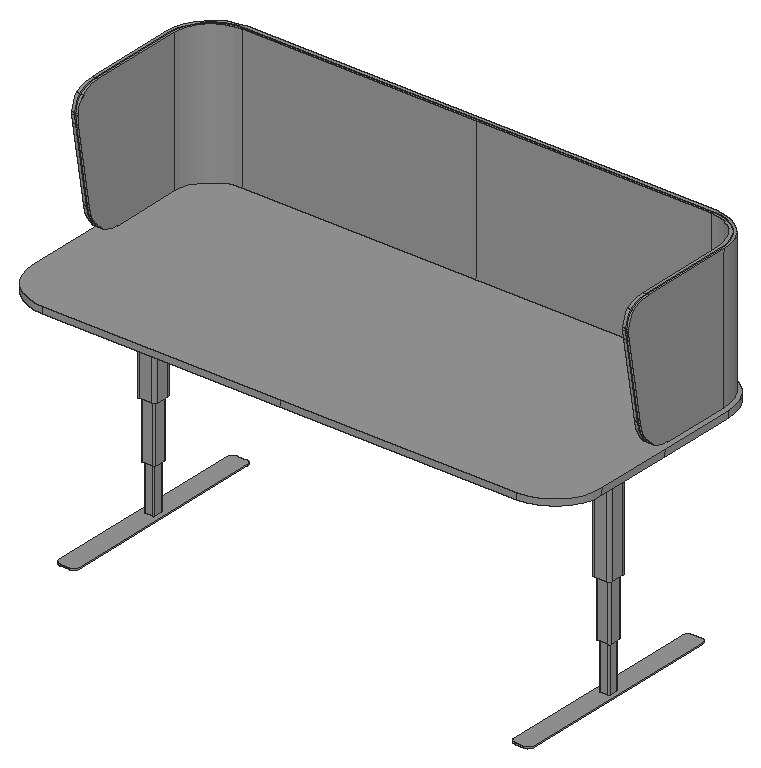
Revit family "MyFlowOfficeTable", category Furniture, Revit 2019
Family settings
  OmniClass Number = 23.40.20.00
  OmniClass Title = General Furniture and Specialties
  Work Plane-Based = No
  Always vertical = Yes
  Cut with Voids When Loaded = No
  Shared = No
  Room Calculation Point = No
Parameters
  Version = ""
  Uniclass2015Version = ""
  Uniclass2015Title = ""
  Uniclass2015Description = ""
  Uniclass2015Code = ""
  UNSPSCCode = ""
  TableTop [instance] = White (TableTop)
  SharpCourners [instance] = no
  RoundedCourners [instance] = yes
  Rounded/SharpCourners [instance] = no
  Revision = ""
  ProductInformation = ""
  OuterBackPlate [instance] = Birch
  NorminalHeight = 0 mm
  NorminalDepth = 0 mm
  Model = "MyFlow Office Table"
  Manufacturer = "ISKU"
  ManufactureURL = "https://www.isku.fi"
  Leg [instance] = White (Leg)
  InnerBackPlate [instance] = Fabric (Light Grey)
  IfcExportType = ""
  IfcExportAs = ""
  IfcClassification = ""
  Height [instance] = 750 mm
  COBIeTypeCategory = ""
  BIMObjectName = ""
  AuthorURL = "https://www.prodlib.com"
  Author = "ProdLib Oy"  # constant formula
Reference planes
  plane 1 "Center (Front/Back)": y = 0
  plane 2: z = 0
  plane 3 "Center (Left/Right)": x = 0
  plane 4: z = 1198.58
  plane 5: z = 750
  plane 6: z = 730
Lines and regions (mm)
  symbolic lines, visible <- "RoundedCourners"
    curve 1: arc (-900, 250, 0) -> (-856.066, 356.066, 0) -> (-750, 400, 0) r 150
    curve 2: line (-750, 400, 0) -> (0, 400, 0)
    curve 3: line (-900, 250, 0) -> (-900, 0, 0)
    curve 4: arc (-900, -250, 0) -> (-856.066, -356.066, 0) -> (-750, -400, 0) r 150
    curve 5: line (-750, -400, 0) -> (0, -400, 0)
    curve 6: line (-900, -250, 0) -> (-900, 0, 0)
    curve 7: arc (900, 250, 0) -> (856.066, 356.066, 0) -> (750, 400, 0) r 150
    curve 8: line (750, 400, 0) -> (0, 400, 0)
    curve 9: line (900, 250, 0) -> (900, 0, 0)
    curve 10: arc (900, -250, 0) -> (856.066, -356.066, 0) -> (750, -400, 0) r 150
    curve 11: line (750, -400, 0) -> (0, -400, 0)
    curve 12: line (900, -250, 0) -> (900, 0, 0)
  symbolic lines, detail levels medium+fine
    curve 13: line (-881.347, -119.075, 0) -> (-861.587, -119.075, 0)
    curve 14: line (-861.587, -119.075, 0) -> (-861.587, 256.82, 0)
    curve 15: arc (-861.587, 256.82, 0) -> (-826.44, 341.673, 0) -> (-741.587, 376.82, 0) r 120
    curve 16: line (-741.587, 376.82, 0) -> (0, 376.82, 0)
    curve 17: line (0, 396.34, 0) -> (-741.347, 396.34, 0)
    curve 18: arc (-741.347, 396.34, 0) -> (-840.342, 355.335, 0) -> (-881.347, 256.34, 0) r 140
    curve 19: line (-881.347, 256.34, 0) -> (-881.347, -119.075, 0)
    curve 20: line (881.347, -119.075, 0) -> (861.587, -119.075, 0)
    curve 21: line (861.587, -119.075, 0) -> (861.587, 256.82, 0)
    curve 22: arc (861.587, 256.82, 0) -> (826.44, 341.673, 0) -> (741.587, 376.82, 0) r 120
    curve 23: line (741.587, 376.82, 0) -> (0, 376.82, 0)
    curve 24: line (0, 396.34, 0) -> (741.347, 396.34, 0)
    curve 25: arc (741.347, 396.34, 0) -> (840.342, 355.335, 0) -> (881.347, 256.34, 0) r 140
    curve 26: line (881.347, 256.34, 0) -> (881.347, -119.075, 0)
  symbolic lines, visible <- "SharpCourners"
    curve 27: line (-900, 400, 0) -> (900, 400, 0)
    curve 28: line (-900, -400, 0) -> (-900, 400, 0)
    curve 29: line (900, -400, 0) -> (-900, -400, 0)
    curve 30: line (900, 400, 0) -> (900, -400, 0)
  symbolic lines, visible <- "Rounded/SharpCourners"
    curve 31: line (900, -400, 0) -> (-750, -400, 0)
    curve 32: line (900, -400, 0) -> (900, 400, 0)
    curve 33: line (900, 400, 0) -> (-750, 400, 0)
    curve 34: arc (-750, 400, 0) -> (-856.066, 356.066, 0) -> (-900, 250, 0) r 150
    curve 35: line (-900, 250, 0) -> (-900, 0, 0)
    curve 36: arc (-750, -400, 0) -> (-856.066, -356.066, 0) -> (-900, -250, 0) r 150
    curve 37: line (-900, -250, 0) -> (-900, 0, 0)
Dimensions and locks
  "Height": plane 5 to plane 2
  locked: plane 4 to plane 5 at 448.58
  locked: plane 4 to plane 6 at 468.58
  aligned and locked: level to plane 2
  aligned and locked: plane 1 "Center (Front/Back)" to nested 1
  aligned and locked: nested 1 to plane 4
  aligned and locked: plane 5 to nested 1
  aligned and locked: nested 1 to plane 6
  aligned and locked: curve 27 to nested 1
  aligned and locked: curve 28 to nested 1
  aligned and locked: curve 29 to nested 1
  aligned and locked: curve 30 to nested 1
Automatic sketch dimensions
  curve 1 to curve 34 = 0 mm  (x2)
  curve 4 to curve 36 = 0 mm  (x2)
  plane 1 "Center (Front/Back)" to curve 37 = 0 mm
  curve 16 to plane 3 "Center (Left/Right)" = 0 mm
  curve 2 to plane 3 "Center (Left/Right)" = 0 mm
  curve 11 to plane 3 "Center (Left/Right)" = 0 mm
  curve 17 to plane 3 "Center (Left/Right)" = 0 mm
  plane 1 "Center (Front/Back)" to curve 12 = 0 mm
  curve 35 to curve 27 = 0 mm
  curve 3 to curve 19 = 18.653 mm
  curve 13 to curve 14 = 19.76 mm
  curve 28 to curve 31 = 150 mm
  curve 27 to curve 2 = 150 mm
  curve 34 to curve 15 = 8.413 mm
  curve 2 to curve 17 = 8.653 mm
  curve 24 to curve 27 = 158.653 mm
  curve 25 to curve 22 = 0.24 mm
  curve 11 to curve 29 = 150 mm
  curve 25 to curve 8 = 8.653 mm
  curve 7 to curve 21 = 111.587 mm
  curve 20 to curve 20 = 19.76 mm
  curve 25 to curve 9 = 18.653 mm
  plane 1 "Center (Front/Back)" to curve 19 = 119.075 mm
  plane 1 "Center (Front/Back)" to curve 20 = 119.075 mm
  curve 1 to curve 19 = 6.34 mm
  curve 18 to curve 14 = 0.48 mm
Nested families
  nested 1: "OfficeTableTop" at (0, 0, 11), type "SharpCourneus"
  nested 2: "OfficeTableLeg" at (0, 0, 0), type "OfficeTableLeg"
    with Height 750 mm
Definition of nested family "OfficeTableTop"
  Parameters (values of type "SharpCourneus")
    Width = 1800 mm
    Version = ""
    Uniclass2015Version = ""
    Uniclass2015Title = ""
    Uniclass2015Description = ""
    Uniclass2015Code = ""
    UNSPSCCode = ""
    TableTop = none
    SharpCourners = no
    RoundedCourners = yes
    Rounded/SharpCourners = no
    Revision = ""
    ProductInformation = ""
    OuterBackPlate = none
    NorminalHeight = 0 mm
    NorminalDepth = 0 mm
    ManufactureURL = ""
    InnerBackPlate = none
    IfcExportType = ""
    IfcExportAs = ""
    IfcClassification = ""
    Height = 1187.58 mm
    Depth = 800 mm
    COBIeTypeCategory = ""
    BIMObjectName = ""
    AuthorURL = "https://www.prodlib.com"
    Author = "ProdLib Oy"  # constant formula
  Types (3, lengths in mm): name | Width | RoundedCourners | Rounded/SharpCourners | Height | Depth
    SharpCourneus | 1800 | yes | no | 1187.58 | 800
    RoundedCourners | 500 | yes | no | 400 | 385
    Rounded/SharpCourners | 500 | no | yes | 400 | 385
  Reference planes
    plane 1 "Center (Front/Back)": y = 0
    plane 2: z = 0
    plane 3 "Center (Left/Right)": x = 0
    plane 4: x = 900
    plane 5: x = -900
    plane 6: y = -400
    plane 7: y = 400
    plane 8: z = 1187.58
    plane 9: z = 739
    plane 10: z = 719
  Forms (mm)
    Extrusion 1, solid, material <- "TableTop", visible <- "RoundedCourners"
      sketch origin (0, 0, 0) x (1, 0, 0) y (0, 1, 0)
        loop
          line (750, 400) -> (0, 400) -> (-750, 400)
          arc (-750, 400) -> (-856.066, 356.066) -> (-900, 250) r 150
          line (-900, 250) -> (-900, 0) -> (-900, -250)
          arc (-900, -250) -> (-856.066, -356.066) -> (-750, -400) r 150
          line (-750, -400) -> (0, -400) -> (750, -400)
          arc (750, -400) -> (856.066, -356.066) -> (900, -250) r 150
          line (900, -250) -> (900, 0) -> (900, 250)
          arc (900, 250) -> (856.066, 356.066) -> (750, 400) r 150
      from 719 to 739
    Extrusion 2, solid, material <- "TableTop", visible <- "SharpCourners"
      sketch origin (0, 0, 0) x (1, 0, 0) y (0, 1, 0)
        loop
          line (-900, 400) -> (-900, -400) -> (900, -400) -> (900, 400) -> (-900, 400)
      from 719 to 739
    Extrusion 3, solid, material <- "TableTop", visible <- "Rounded/SharpCourners"
      sketch origin (0, 0, 0) x (1, 0, 0) y (0, 1, 0)
        loop
          line (0, 400) -> (-750, 400)
          arc (-750, 400) -> (-856.066, 356.066) -> (-900, 250) r 150
          line (-900, 250) -> (-900, 0) -> (-900, -250)
          arc (-900, -250) -> (-856.066, -356.066) -> (-750, -400) r 150
          line (-750, -400) -> (0, -400) -> (900, -400) -> (900, 0) -> (900, 400) -> (0, 400)
      from 719 to 739
    Extrusion 4, solid, material <- "OuterBackPlate"
      sketch origin (0, 0, 0) x (1, 0, 0) y (0, 1, 0)
        loop
          line (-871.587, -119.075) -> (-871.587, 256.58)
          arc (-871.587, 256.58) -> (-833.511, 348.504) -> (-741.587, 386.58) r 130
          line (-741.587, 386.58) -> (0, 386.58) -> (741.587, 386.58)
          arc (741.587, 386.58) -> (833.511, 348.504) -> (871.587, 256.58) r 130
          line (871.587, 256.58) -> (871.587, -119.075) -> (881.347, -119.075) -> (881.347, 256.34)
          arc (881.347, 256.34) -> (840.342, 355.335) -> (741.347, 396.34) r 140
          line (741.347, 396.34) -> (0, 396.34) -> (-741.347, 396.34)
          arc (-741.347, 396.34) -> (-840.342, 355.335) -> (-881.347, 256.34) r 140
          line (-881.347, 256.34) -> (-881.347, -119.075) -> (-871.587, -119.075)
      from 739 to 1187.58
    Extrusion 5, void
      sketch origin (0, -35.126, 8.876) x (0, 1, 0) y (0, 0, 1)
        loop
          arc (-64.096, 1160.156) -> (-32.43, 1174.402) -> (2.026, 1178.704) r 116.746
          line (2.026, 1178.704) -> (2.026, 1184.457) -> (-108.949, 1184.457) -> (-108.949, 1178.704) -> (-108.949, 731.124) -> (-108.949, 721.124) -> (70.166, 721.124) -> (70.166, 731.124)
          arc (70.166, 731.124) -> (-2.504, 758.739) -> (-37.564, 828.124) r 107.524
          line (-37.564, 828.124) -> (-81.914, 1080.684)
          arc (-81.914, 1080.684) -> (-83.082, 1094.023) -> (-83.949, 1107.386) r 592.752
          arc (-83.949, 1107.386) -> (-79.555, 1135.852) -> (-64.096, 1160.156) r 70.184
      from -900 to 900
    Extrusion 6, solid, material <- "InnerBackPlate"
      sketch origin (0, -9.76, 0) x (1, 0, 0) y (0, 1, 0)
        loop
          arc (-741.587, 396.34) -> (-833.511, 358.264) -> (-871.587, 266.34) r 130
          line (-871.587, 266.34) -> (-871.587, -109.315) -> (-861.587, -109.315) -> (-861.587, 266.58)
          arc (-861.587, 266.58) -> (-826.44, 351.433) -> (-741.587, 386.58) r 120
          line (-741.587, 386.58) -> (0, 386.58) -> (741.587, 386.58)
          arc (741.587, 386.58) -> (826.44, 351.433) -> (861.587, 266.58) r 120
          line (861.587, 266.58) -> (861.587, -109.315) -> (871.587, -109.315) -> (871.587, 266.34)
          arc (871.587, 266.34) -> (833.511, 358.264) -> (741.587, 396.34) r 130
          line (741.587, 396.34) -> (0, 396.34) -> (-741.587, 396.34)
      from 739 to 1187.58
  Cuts and joins
    Extrusion 5 cuts Extrusion 4
    Extrusion 5 cuts Extrusion 6
  Dimensions and locks
    equal spacing: plane 5, plane 3 "Center (Left/Right)", plane 4
    "Width": plane 5 to plane 4
    equal spacing: plane 6, plane 1 "Center (Front/Back)", plane 7
    "Depth": plane 6 to plane 7
    locked: plane 9 to plane 8 at 448.58
    "Height": plane 2 to plane 8
    locked: plane 10 to plane 8 at 468.58
    aligned and locked: level to plane 2
    aligned and locked: plane 4 to Extrusion 3
    aligned and locked: Extrusion 3 to plane 7
    aligned and locked: Extrusion 3 to plane 6
    aligned and locked: plane 5 to Extrusion 3
    aligned and locked: Extrusion 4 to plane 8
    aligned and locked: plane 9 to Extrusion 4
  Automatic sketch dimensions
    Extrusion 1 sketch curve to plane 5 = 0 mm
    Extrusion 1 sketch curve to plane 6 = 0 mm
    Extrusion 1 sketch curve to plane 7 = 0 mm
    Extrusion 1 sketch curve to plane 3 "Center (Left/Right)" = 0 mm  (x2)
    Extrusion 1 sketch curve to plane 4 = 0 mm
    plane 1 "Center (Front/Back)" to Extrusion 1 sketch curve = 0 mm  (x2)
    Extrusion 1 sketch curve to plane 5 = 150 mm  (x2)
    Extrusion 1 sketch curve to Extrusion 1 sketch curve = 150 mm
    Extrusion 1 sketch curve to plane 4 = 150 mm
    Extrusion 2 sketch curve to plane 5 = 0 mm
    Extrusion 2 sketch curve to plane 4 = 0 mm
    Extrusion 2 sketch curve to plane 6 = 0 mm
    Extrusion 2 sketch curve to plane 7 = 0 mm
    Extrusion 3 sketch curve to plane 5 = 0 mm
    Extrusion 3 sketch curve to plane 6 = 0 mm
    Extrusion 3 sketch curve to plane 7 = 0 mm
    Extrusion 3 sketch curve to plane 3 "Center (Left/Right)" = 0 mm  (x2)
    Extrusion 3 sketch curve to plane 4 = 0 mm
    plane 1 "Center (Front/Back)" to Extrusion 3 sketch curve = 0 mm  (x2)
    Extrusion 3 sketch curve to Extrusion 3 sketch curve = 150 mm
    Extrusion 3 sketch curve to plane 5 = 150 mm
    Extrusion 4 sketch curve to plane 3 "Center (Left/Right)" = 0 mm  (x2)
    plane 7 to Extrusion 4 sketch curve = 3.66 mm
    Extrusion 4 sketch curve to plane 5 = 158.653 mm
    Extrusion 4 sketch curve to Extrusion 4 sketch curve = 0.24 mm  (x3)
    Extrusion 4 sketch curve to plane 5 = 28.413 mm
    Extrusion 4 sketch curve to Extrusion 4 sketch curve = 9.76 mm  (x2)
    Extrusion 4 sketch curve to plane 4 = 158.653 mm
    Extrusion 4 sketch curve to plane 4 = 28.413 mm
    plane 1 "Center (Front/Back)" to Extrusion 4 sketch curve = 119.075 mm  (x2)
    Extrusion 5 sketch curve to plane 8 = 0 mm  (x2)
    Extrusion 5 sketch curve to plane 9 = 1 mm  (x2)
    plane 1 "Center (Front/Back)" to Extrusion 5 sketch curve = 144.075 mm
    Extrusion 5 sketch curve to Extrusion 5 sketch curve = 27.035 mm
    plane 1 "Center (Front/Back)" to Extrusion 5 sketch curve = 72.69 mm
    plane 1 "Center (Front/Back)" to Extrusion 5 sketch curve = 48.992 mm
    plane 1 "Center (Front/Back)" to Extrusion 5 sketch curve = 36.024 mm
    Extrusion 5 sketch curve to plane 8 = 5.754 mm
    plane 1 "Center (Front/Back)" to Extrusion 5 sketch curve = 33.1 mm
    Extrusion 5 sketch curve to plane 1 "Center (Front/Back)" = 34.318 mm
    plane 9 to Extrusion 5 sketch curve = 9 mm
    Extrusion 5 sketch curve to plane 1 "Center (Front/Back)" = 35.039 mm
    plane 8 to Extrusion 5 sketch curve = 39.626 mm
    Extrusion 5 sketch curve to plane 7 = 72.829 mm
    Extrusion 5 sketch curve to plane 9 = 98 mm
    plane 8 to Extrusion 5 sketch curve = 116.709 mm
    Extrusion 5 sketch curve to Extrusion 5 sketch curve = 18.689 mm
    Extrusion 5 sketch curve to Extrusion 5 sketch curve = 49.143 mm
    Extrusion 5 sketch curve to Extrusion 5 sketch curve = 0 mm
    Extrusion 6 sketch curve to plane 3 "Center (Left/Right)" = 0 mm  (x2)
    Extrusion 6 sketch curve to plane 5 = 158.413 mm
    Extrusion 6 sketch curve to Extrusion 6 sketch curve = 0 mm  (x2)
    Extrusion 6 sketch curve to plane 5 = 38.413 mm
    Extrusion 6 sketch curve to Extrusion 6 sketch curve = 10 mm  (x2)
    plane 7 to Extrusion 6 sketch curve = 23.18 mm
    Extrusion 6 sketch curve to plane 4 = 158.413 mm
    Extrusion 6 sketch curve to plane 4 = 38.413 mm
    Extrusion 6 sketch curve to Extrusion 6 sketch curve = 0.24 mm
    plane 1 "Center (Front/Back)" to Extrusion 6 sketch curve = 119.075 mm  (x2)
Definition of nested family "OfficeTableLeg"
  Parameters (values of type "OfficeTableLeg")
    Version = ""
    Uniclass2015Version = ""
    Uniclass2015Title = ""
    Uniclass2015Description = ""
    Uniclass2015Code = ""
    UNSPSCCode = ""
    Revision = ""
    ProductInformation = ""
    NorminalHeight = 0 mm
    NorminalDepth = 0 mm
    ManufactureURL = ""
    Leg = none
    IfcExportType = ""
    IfcExportAs = ""
    IfcClassification = ""
    Height = 723 mm
    COBIeTypeCategory = ""
    BIMObjectName = ""
    AuthorURL = "https://www.prodlib.com"
    Author = "ProdLib Oy"  # constant formula
  Reference planes
    plane 1 "Center (Front/Back)": y = 0
    plane 2: z = 0
    plane 3 "Center (Left/Right)": x = 0
    plane 4: z = 3
    plane 5: z = 150
    plane 6: z = 333
    plane 7: z = 703
    plane 8: z = 726
  Forms (mm)
    Extrusion 1, solid, material <- "Leg"
      sketch origin (0, 0, 0) x (1, 0, 0) y (0, 1, 0)
        loop
          arc (-732.5, 350) -> (-746.615, 344.169) -> (-752.5, 330.076) r 20
          line (-752.5, 330.076) -> (-752.5, -330)
          arc (-752.5, -330) -> (-746.642, -344.142) -> (-732.5, -350) r 20
          line (-732.5, -350) -> (-707.5, -350)
          arc (-707.5, -350) -> (-693.358, -344.142) -> (-687.5, -330) r 20
          line (-687.5, -330) -> (-687.5, 330)
          arc (-687.5, 330) -> (-693.358, 344.142) -> (-707.5, 350) r 20
          line (-707.5, 350) -> (-732.5, 350)
        loop
          line (732.5, 350) -> (707.5, 350)
          arc (707.5, 350) -> (693.358, 344.142) -> (687.5, 330) r 20
          line (687.5, 330) -> (687.5, -330)
          arc (687.5, -330) -> (693.358, -344.142) -> (707.5, -350) r 20
          line (707.5, -350) -> (732.5, -350)
          arc (732.5, -350) -> (746.642, -344.142) -> (752.5, -330) r 20
          line (752.5, -330) -> (752.5, 330.076)
          arc (752.5, 330.076) -> (746.615, 344.169) -> (732.5, 350) r 20
      from 0 to 3
    Extrusion 2, solid, material <- "Leg"
      sketch origin (0, 0, 0) x (1, 0, 0) y (0, 1, 0)
        loop
          arc (-732, 16) -> (-734.828, 14.828) -> (-736, 12) r 4
          line (-736, 12) -> (-736, -12)
          arc (-736, -12) -> (-734.828, -14.828) -> (-732, -16) r 4
          line (-732, -16) -> (-708, -16)
          arc (-708, -16) -> (-705.172, -14.828) -> (-704, -12) r 4
          line (-704, -12) -> (-704, 12)
          arc (-704, 12) -> (-705.172, 14.828) -> (-708, 16) r 4
          line (-708, 16) -> (-732, 16)
        loop
          line (732, 16) -> (708, 16)
          arc (708, 16) -> (705.172, 14.828) -> (704, 12) r 4
          line (704, 12) -> (704, -12)
          arc (704, -12) -> (705.172, -14.828) -> (708, -16) r 4
          line (708, -16) -> (732, -16)
          arc (732, -16) -> (734.828, -14.828) -> (736, -12) r 4
          line (736, -12) -> (736, 12)
          arc (736, 12) -> (734.828, 14.828) -> (732, 16) r 4
      from 3 to 150
    Extrusion 3, solid, material <- "Leg"
      sketch origin (0, 0, 0) x (1, 0, 0) y (0, 1, 0)
        loop
          arc (-697.5, 16.5) -> (-699.257, 20.743) -> (-703.5, 22.5) r 6
          line (-703.5, 22.5) -> (-736.5, 22.5)
          arc (-736.5, 22.5) -> (-740.743, 20.743) -> (-742.5, 16.5) r 6
          line (-742.5, 16.5) -> (-742.5, -16.5)
          arc (-742.5, -16.5) -> (-740.743, -20.743) -> (-736.5, -22.5) r 6
          line (-736.5, -22.5) -> (-703.5, -22.5)
          arc (-703.5, -22.5) -> (-699.257, -20.743) -> (-697.5, -16.5) r 6
          line (-697.5, -16.5) -> (-697.5, 16.5)
        loop
          line (697.5, 16.5) -> (697.5, -16.5)
          arc (697.5, -16.5) -> (699.257, -20.743) -> (703.5, -22.5) r 6
          line (703.5, -22.5) -> (736.5, -22.5)
          arc (736.5, -22.5) -> (740.743, -20.743) -> (742.5, -16.5) r 6
          line (742.5, -16.5) -> (742.5, 16.5)
          arc (742.5, 16.5) -> (740.743, 20.743) -> (736.5, 22.5) r 6
          line (736.5, 22.5) -> (703.5, 22.5)
          arc (703.5, 22.5) -> (699.257, 20.743) -> (697.5, 16.5) r 6
      from 150 to 333
    Extrusion 4, solid, material <- "Leg"
      sketch origin (0, 0, 0) x (1, 0, 0) y (0, 1, 0)
        loop
          arc (-740, 30) -> (-747.071, 27.071) -> (-750, 20) r 10
          line (-750, 20) -> (-750, -20)
          arc (-750, -20) -> (-747.071, -27.071) -> (-740, -30) r 10
          line (-740, -30) -> (-700, -30)
          arc (-700, -30) -> (-692.929, -27.071) -> (-690, -20) r 10
          line (-690, -20) -> (-690, 20)
          arc (-690, 20) -> (-692.929, 27.071) -> (-700, 30) r 10
          line (-700, 30) -> (-740, 30)
        loop
          line (740, 30) -> (700, 30)
          arc (700, 30) -> (692.929, 27.071) -> (690, 20) r 10
          line (690, 20) -> (690, -20)
          arc (690, -20) -> (692.929, -27.071) -> (700, -30) r 10
          line (700, -30) -> (740, -30)
          arc (740, -30) -> (747.071, -27.071) -> (750, -20) r 10
          line (750, -20) -> (750, 20)
          arc (750, 20) -> (747.071, 27.071) -> (740, 30) r 10
      from 333 to 703
  Dimensions and locks
    "Height": plane 8 to plane 4
    locked: plane 8 to plane 7 at 23
    aligned and locked: level to plane 2
    aligned and locked: Extrusion 1 to plane 2
    aligned and locked: plane 4 to Extrusion 1
    aligned and locked: plane 5 to Extrusion 2
    aligned and locked: Extrusion 2 to plane 4
    aligned and locked: Extrusion 3 to plane 5
    aligned and locked: plane 6 to Extrusion 3
    aligned and locked: Extrusion 4 to plane 6
    aligned and locked: plane 7 to Extrusion 4
  Automatic sketch dimensions
    Extrusion 1 sketch curve to plane 3 "Center (Left/Right)" = 752.5 mm
    Extrusion 1 sketch curve to Extrusion 1 sketch curve = 20 mm  (x8)
    Extrusion 1 sketch curve to Extrusion 1 sketch curve = 25 mm  (x4)
    Extrusion 1 sketch curve to plane 1 "Center (Front/Back)" = 330 mm  (x2)
    plane 3 "Center (Left/Right)" to Extrusion 1 sketch curve = 687.5 mm
    plane 1 "Center (Front/Back)" to Extrusion 1 sketch curve = 330 mm  (x2)
    Extrusion 2 sketch curve to plane 1 "Center (Front/Back)" = 12 mm  (x2)
    Extrusion 2 sketch curve to plane 3 "Center (Left/Right)" = 736 mm
    Extrusion 2 sketch curve to Extrusion 2 sketch curve = 4 mm  (x6)
    Extrusion 2 sketch curve to Extrusion 2 sketch curve = 24 mm  (x3)
    plane 1 "Center (Front/Back)" to Extrusion 2 sketch curve = 12 mm  (x2)
    Extrusion 2 sketch curve to Extrusion 2 sketch curve = 0 mm
    plane 3 "Center (Left/Right)" to Extrusion 2 sketch curve = 704 mm
    Extrusion 3 sketch curve to plane 1 "Center (Front/Back)" = 16.5 mm  (x2)
    Extrusion 3 sketch curve to plane 3 "Center (Left/Right)" = 742.5 mm
    Extrusion 3 sketch curve to Extrusion 3 sketch curve = 6 mm  (x6)
    Extrusion 3 sketch curve to Extrusion 3 sketch curve = 33 mm  (x2)
    plane 1 "Center (Front/Back)" to Extrusion 3 sketch curve = 16.5 mm  (x2)
    Extrusion 3 sketch curve to Extrusion 3 sketch curve = 0 mm  (x2)
    plane 3 "Center (Left/Right)" to Extrusion 3 sketch curve = 697.5 mm
    plane 1 "Center (Front/Back)" to Extrusion 4 sketch curve = 20 mm  (x3)
    Extrusion 4 sketch curve to plane 3 "Center (Left/Right)" = 750 mm
    Extrusion 4 sketch curve to Extrusion 4 sketch curve = 10 mm  (x6)
    Extrusion 4 sketch curve to Extrusion 4 sketch curve = 40 mm  (x3)
    plane 3 "Center (Left/Right)" to Extrusion 4 sketch curve = 690 mm
    Extrusion 4 sketch curve to plane 1 "Center (Front/Back)" = 20 mm  (x2)
